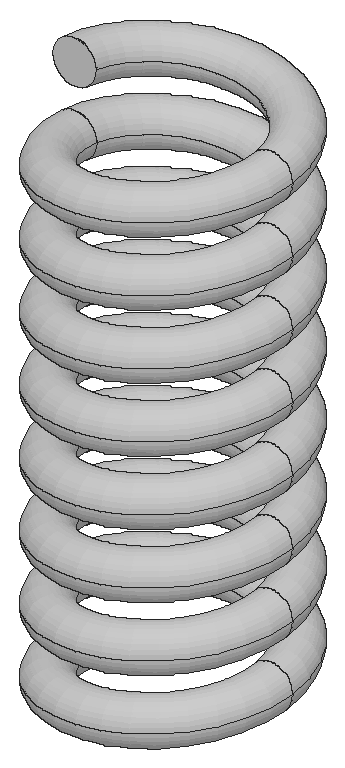
Revit family "Parametric Spring Shape Family", category Generic Models, Revit 2020
Family settings
  Can host rebar = No
  Round Connector Dimension = Use Diameter
  Part Type = Normal
  Work Plane-Based = No
  Always vertical = Yes
  Cut with Voids When Loaded = No
  Shared = No
  Room Calculation Point = No
Parameters
  R2 [instance] = 200 mm
  R1 [instance] = 900 mm
  No. [instance] = rounddown(Height / H2)  # 8
  Height [instance] = 5000 mm
  H2 [instance] = H1 * 2  # 600 mm
  H1 [instance] = 300 mm
  Default Elevation = 0 mm
Reference planes
  plane 1 "Center (Front/Back)": y = 0
  plane 2: z = 0
  plane 3 "Center (Left/Right)": x = 0
  plane 4: z = 600
  plane 5: z = 5000
Dimensions and locks
  "Height": plane 5 to level
  "H2": plane 4 to level
  equal spacing: group 1, group 2, group 3, group 4, group 5, group 6, group 7, group 8  (x3)
  aligned and locked: level to plane 2
  aligned and locked: plane 3 "Center (Left/Right)" to nested 1
  aligned and locked: plane 1 "Center (Front/Back)" to nested 1
  aligned and locked: plane 3 "Center (Left/Right)" to nested 2
  aligned and locked: plane 1 "Center (Front/Back)" to nested 2
  aligned and locked: nested 1 to level
  aligned and locked: plane 4 to nested 2
Nested families
  nested 1: "Family3" at (0, 0, 0), R <- "R1", R2 <- "R2", H1 <- "H1", type "Family3"
    with R2 200 mm, R 900 mm, H1 300 mm
  nested 2: "Family3" at (0, 0, 600), R <- "R1", R2 <- "R2", H1 <- "H1", type "Family3"
    with R2 200 mm, R 900 mm, H1 300 mm
  nested 3: "Family3" at (0, 0, 1200), R <- "R1", R2 <- "R2", H1 <- "H1", type "Family3"
    with R2 200 mm, R 900 mm, H1 300 mm
  nested 4: "Family3" at (0, 0, 1800), R <- "R1", R2 <- "R2", H1 <- "H1", type "Family3"
    with R2 200 mm, R 900 mm, H1 300 mm
  nested 5: "Family3" at (0, 0, 2400), R <- "R1", R2 <- "R2", H1 <- "H1", type "Family3"
    with R2 200 mm, R 900 mm, H1 300 mm
  nested 6: "Family3" at (0, 0, 3000), R <- "R1", R2 <- "R2", H1 <- "H1", type "Family3"
    with R2 200 mm, R 900 mm, H1 300 mm
  nested 7: "Family3" at (0, 0, 3600), R <- "R1", R2 <- "R2", H1 <- "H1", type "Family3"
    with R2 200 mm, R 900 mm, H1 300 mm
  nested 8: "Family3" at (0, 0, 4200), R <- "R1", R2 <- "R2", H1 <- "H1", type "Family3"
    with R2 200 mm, R 900 mm, H1 300 mm
Definition of nested family "Family3"
  Parameters (values of type "Family3")
    R2 [instance] = 100 mm
    R [instance] = 500 mm
    H1 [instance] = 200 mm
    Default Elevation = 0 mm
  Reference planes
    plane 1 "Center (Front/Back)": y = 0
    plane 2: z = 0
    plane 3 "Center (Left/Right)": x = 0
    plane 4: x = -500
    plane 5: x = 500
    plane 6: z = 200
    plane 7: z = 400
  Forms (mm)
    SweptBlend 1, solid
      path in 3D
        loop
          arc (-500, 0, 0) -> (0, -500, 0) -> (500, 0, 0) r 500
      profile origin (-500, 0, 0) x (1, 0, 0) y (0, 0, 1)
        loop
          circle (0, 0) r 100
      end profile origin (500, 0, 0) x (-1, 0, 0) y (0, 0, 1)
        loop
          circle (0, 200) r 100
    SweptBlend 2, solid
      path in 3D
        loop
          arc (-500, 0, 0) -> (0, 500, 0) -> (500, 0, 0) r 500
      profile origin (-500, 0, 0) x (-1, 0, 0) y (0, 0, 1)
        loop
          circle (0, 400) r 100
      end profile origin (500, 0, 0) x (1, 0, 0) y (0, 0, 1)
        loop
          circle (0, 200) r 100
  Lines and regions (mm)
    reference lines
      curve 1: arc (-500, 0, 0) -> (0, 500, 0) -> (500, 0, 0) r 500
      curve 2: arc (-500, 0, 0) -> (0, -500, 0) -> (500, 0, 0) r 500
    sketch lines
      curve 3: arc (-500, 0, 0) -> (0, -500, 0) -> (500, 0, 0) r 500
      curve 4: arc (-500, 0, 0) -> (0, 500, 0) -> (500, 0, 0) r 500
  Dimensions and locks
    equal spacing: plane 4, plane 3 "Center (Left/Right)", plane 5
    "R": plane 4 to plane 3 "Center (Left/Right)"
    "H1": plane 7 to plane 6
    "H1": plane 6 to level
    "R2": radius of SweptBlend 1 sketch curve  (x2)
    "R2": radius of SweptBlend 2 sketch curve  (x2)
    aligned and locked: level to plane 2
    aligned and locked: plane 1 "Center (Front/Back)" to curve 1
    aligned and locked: plane 5 to curve 1
    aligned and locked: plane 3 "Center (Left/Right)" to curve 1
    aligned and locked: plane 1 "Center (Front/Back)" to curve 2
    aligned and locked: plane 4 to SweptBlend 1 sketch curve
    aligned and locked: level to SweptBlend 1 sketch curve
    aligned and locked: plane 5 to SweptBlend 1 sketch curve
    aligned and locked: plane 6 to SweptBlend 1 sketch curve
    aligned and locked: plane 7 to SweptBlend 2 sketch curve
    aligned and locked: plane 4 to SweptBlend 2 sketch curve
    aligned and locked: plane 5 to SweptBlend 2 sketch curve
    aligned and locked: plane 6 to SweptBlend 2 sketch curve
